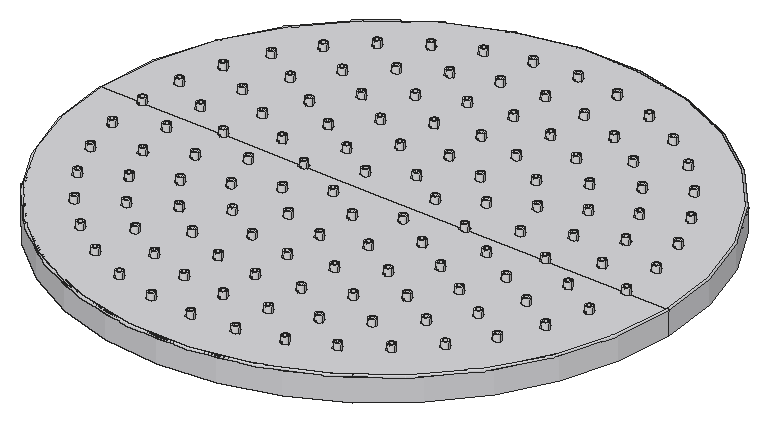
Revit family "Shower-Showerhead-KOHLER-Rainforest-K-18359IN", category Plumbing Fixtures, host Face, Revit 2017
Family settings
  Host = Face
  Round Connector Dimension = Use Diameter
  Part Type = Normal
  OmniClass Number = 23.31.17.00
  OmniClass Title = Showers
  Cut with Voids When Loaded = No
  Shared = No
  Room Calculation Point = No
Parameters (values of type "CP-Polished Chrome")
  Width = 10"  # constant formula
  WaterSense Certified = 1 = 0  # no
  Waste Water Outlet = "Waste Water Outlet"  # constant formula
  Waste Connection = 1 = 0  # no
  Vent Connection = 1 = 0  # no
  URL = "https://www.kohler.co.in/"
  Type = 1
  Product Page URL = "https://www.kohler.co.in/product-detail/18359in?skuid=K-18359IN-CP"
  Product Name = "Rainforest"  # constant formula
  Product Documentation Link = "http://resources.kohler.com/plumbing/kohlerindia/pdf/18359.pdf"
  Pressure = 0.00 psi
  Panel Thickness = 0"
  Model = "K-18359IN-CP"  # constant formula
  Material = "Premium Metal Construction"  # constant formula
  Master Format 2014 Name = "Residential Showers"  # constant formula
  Master Format 2014 = "22 42 23"  # constant formula
  Manufacturer Address = "Ambience Office Tower NH-8 Gurgaon / Gurugram Haryana , 122001"  # constant formula
  Manufacturer = "KOHLER Co."  # constant formula
  Length = 10"  # constant formula
  Hot Water Inlet = "Tempered Water Inlet"  # constant formula
  Height = 2.55906"  # constant formula
  HW Connection = 1 = 1  # yes
  Flow Rate = 0 GPM
  Finish = Kohler-Metal-CP-Polished_Chrome
  Environmental Product Declaration = ""
  Drain Included = 1 = 0  # no
  Description = "254mm round Katalyst™ rain showerhead"  # constant formula
  Default Elevation = 0"
  Declare Label = ""
  Date Modified = "09/04/2020"  # constant formula
  Date Created = "09/04/2020"  # constant formula
  Copyright = "Copyright KOHLER Co."  # constant formula
  Contact Us = "https://www.kohler.co.in/contact-us"
  Cold Water Inlet = "Cold Water Inlet"  # constant formula
  CW Connection = 1 = 0  # no
  Assembly Code = "D2010700"
  ADA Compliant = 1 = 0  # no
Reference planes (in)
  plane 1 "Center (Front/Back)": y = 0
  plane 2: z = 0
  plane 3 "Center (Left/Right)": x = 0
  plane 4: x = -5
  plane 5: x = 5
  plane 6: z = 2.55906
  plane 7: y = 5
  plane 8: y = -5
Dimensions and locks (in)
  "Height": plane 6 to level
  "Width": plane 4 to plane 5
  "Length": plane 7 to plane 8
  aligned and locked: plane 2 to host face
  aligned and locked: level to host face
  aligned and locked: plane 3 "Center (Left/Right)" to nested 1
  aligned and locked: plane 1 "Center (Front/Back)" to nested 1
  aligned and locked: plane 4 to nested 1
  aligned and locked: plane 5 to nested 1
  aligned and locked: plane 6 to nested 1
  aligned and locked: plane 7 to nested 1
  aligned and locked: plane 8 to nested 1
Automatic sketch dimensions
  host sketch curve to host sketch curve = 96"  (x2)
Nested families (in)
  nested 1: "K-18359IN" at (0, 0, 0), type "K-18359IN"
Connectors (in)
  piping at (0, 0, 0), diameter 0.5, driven by "Flow Rate", driven by "HW Connection", driven by "Hot Water Inlet"
    settings: on nested 1, index 1, connector inside diameter 24", connector length 0", flow factor 0, pipe flow 0 GPM, pressure drop 0.00 psi, fitting loss kfactor 0, connector angle 0.00°, fixture units 0, engagement length 0", angle of deflection 0.00°, flow configuration 0, flow direction 1, fitting loss method 0, system type 19, joint type 0, gender type 0, connector reference index -1, connector utility 1, adjustable connector no, is connector primary yes, connector description "Tempered Water Inlet"
Definition of nested family "K-18359IN"
  Parameters (values of type "K-18359IN")
    Material = none
  Reference planes (in)
    plane 1 "Center (Front/Back)": y = 0
    plane 2: z = 0
    plane 3 "Center (Left/Right)": x = 0
    plane 4: y = -5
    plane 5: y = 5
    plane 6: x = 5
    plane 7: x = -5
    plane 8: z = 2.55906
    plane 9: z = 2.45866
    plane 10: z = 0.53858
  Forms (in)
    Revolve 1, solid, material <- "Material", detail levels medium+fine
      sketch origin (0, 0, 0) x (1, 0, 0) y (0, 0, 1)
        loop
          line (0, 0) -> (0, 2.45866) -> (-4.97112, 2.45866)
          arc (-4.97112, 2.45866) -> (-4.99154, 2.4502) -> (-5, 2.42978) r 0.02888
          line (-5, 2.42978) -> (-5, 2.0374) -> (-4.94132, 2.0374) -> (-4.89724, 2.04921) -> (-0.72036, 2.04921) -> (-0.72036, 0.97047) -> (-0.43196, 0.97047)
          arc (-0.43196, 0.97047) -> (-0.39042, 0.9144) -> (-0.33797, 0.86838) r 0.32802
          arc (-0.33797, 0.86838) -> (-0.30969, 0.80444) -> (-0.35284, 0.74943) r 0.0679
          arc (-0.35284, 0.74943) -> (-0.45821, 0.66658) -> (-0.49801, 0.53858) r 0.22572
          line (-0.49801, 0.53858) -> (-0.49801, 0.01996)
          arc (-0.49801, 0.01996) -> (-0.49217, 0.00585) -> (-0.47806, 0) r 0.01996
          line (-0.47806, 0) -> (0, 0)
        axis (0, 2.45866) -> (0, 0)
      angle from 0 to 360
    Extrusion 2, void
      sketch origin (0, 0, 0) x (0, 1, 0) y (0, 0, 1)
        loop
          line (0.45472, 0.72378) -> (0.45472, 0.16929) -> (0.56013, 0.06388) -> (0.80183, 0.06388) -> (0.80183, 1.44183) -> (0.6895, 1.44183) -> (0.6895, 0.72378) -> (0.45472, 0.72378)
        loop
          line (-0.45472, 0.72378) -> (-0.6895, 0.72378) -> (-0.6895, 1.44183) -> (-0.80183, 1.44183) -> (-0.80183, 0.06388) -> (-0.56013, 0.06388) -> (-0.45472, 0.16929) -> (-0.45472, 0.72378)
      from -2.11247 to 2.34557
    Extrusion 3, void
      sketch origin (0, 0, 0) x (1, 0, 0) y (0, 1, 0)
        loop
          circle (1.41488, 0) r 0.07638
        loop
          circle (2.8322, 0) r 0.07638
        loop
          circle (4.25507, 0) r 0.07638
        loop
          circle (3.52581, 0.373) r 0.07638
        loop
          circle (4.19023, 0.74002) r 0.07638
        loop
          circle (3.99855, 1.45536) r 0.07638
        loop
          circle (3.36952, 1.09219) r 0.07638
        loop
          circle (2.73488, 0.7404) r 0.07638
        loop
          circle (2.09343, 0.37006) r 0.07638
        loop
          circle (3.68713, 2.12888) r 0.07638
        loop
          circle (3.06939, 1.77223) r 0.07638
        loop
          circle (2.45514, 1.4176) r 0.07638
        loop
          circle (1.8421, 1.06365) r 0.07638
        loop
          circle (1.22731, 0.7087) r 0.07638
        loop
          circle (0.61289, 0.35397) r 0.07638
        loop
          circle (0.70468, 1.22729) r 0.07638
        loop
          circle (1.36786, 1.62577) r 0.07638
        loop
          circle (2.00366, 2.0078) r 0.07638
        loop
          circle (2.63299, 2.37114) r 0.07638
        loop
          circle (3.26145, 2.73398) r 0.07638
        loop
          circle (2.73507, 3.26036) r 0.07638
        loop
          circle (2.08298, 2.86855) r 0.07638
        loop
          circle (1.41523, 2.45129) r 0.07638
        loop
          circle (0.72589, 1.99697) r 0.07638
        loop
          circle (1.44378, 3.24039) r 0.07638
        loop
          circle (0.73101, 2.74131) r 0.07638
        loop
          circle (2.12939, 3.68452) r 0.07638
        loop
          circle (1.45423, 3.99936) r 0.07638
        loop
          circle (0.73914, 4.19096) r 0.07638
        loop
          circle (0.73914, 3.46971) r 0.07638
        loop
          circle (0, 4.2521) r 0.07638
        loop
          circle (0, 3.54443) r 0.07638
        loop
          circle (0, 2.83762) r 0.07638
        loop
          circle (0, 2.12687) r 0.07638
        loop
          circle (0, 1.41877) r 0.07638
        loop
          circle (0, 0.70953) r 0.07638
        loop
          circle (0, -4.2521) r 0.07638
        loop
          circle (0, -3.54443) r 0.07638
        loop
          circle (0, -2.83762) r 0.07638
        loop
          circle (0, -2.12687) r 0.07638
        loop
          circle (0, -1.41877) r 0.07638
        loop
          circle (0, -0.70953) r 0.07638
        loop
          circle (-1.41488, 0) r 0.07638
        loop
          circle (-2.8322, 0) r 0.07638
        loop
          circle (-4.25507, 0) r 0.07638
        loop
          circle (-3.52581, 0.373) r 0.07638
        loop
          circle (-4.19023, 0.74002) r 0.07638
        loop
          circle (-3.99855, 1.45536) r 0.07638
        loop
          circle (-3.36952, 1.09219) r 0.07638
        loop
          circle (-2.73488, 0.7404) r 0.07638
        loop
          circle (-2.09343, 0.37006) r 0.07638
        loop
          circle (-3.68713, 2.12888) r 0.07638
        loop
          circle (-3.06939, 1.77223) r 0.07638
        loop
          circle (-2.45514, 1.4176) r 0.07638
        loop
          circle (-1.8421, 1.06365) r 0.07638
        loop
          circle (-1.22731, 0.7087) r 0.07638
        loop
          circle (-0.61289, 0.35397) r 0.07638
        loop
          circle (-0.70468, 1.22729) r 0.07638
        loop
          circle (-1.36786, 1.62577) r 0.07638
        loop
          circle (-2.00366, 2.0078) r 0.07638
        loop
          circle (-2.63299, 2.37114) r 0.07638
        loop
          circle (-3.26145, 2.73398) r 0.07638
        loop
          circle (-2.73507, 3.26036) r 0.07638
        loop
          circle (-2.08298, 2.86855) r 0.07638
        loop
          circle (-1.41523, 2.45129) r 0.07638
        loop
          circle (-0.72589, 1.99697) r 0.07638
        loop
          circle (-1.44378, 3.24039) r 0.07638
        loop
          circle (-0.73101, 2.74131) r 0.07638
        loop
          circle (-2.12939, 3.68452) r 0.07638
        loop
          circle (-1.45423, 3.99936) r 0.07638
        loop
          circle (-0.73914, 4.19096) r 0.07638
        loop
          circle (-0.73914, 3.46971) r 0.07638
        loop
          circle (-3.52581, -0.373) r 0.07638
        loop
          circle (-4.19023, -0.74002) r 0.07638
        loop
          circle (-3.99855, -1.45536) r 0.07638
        loop
          circle (-3.36952, -1.09219) r 0.07638
        loop
          circle (-2.73488, -0.7404) r 0.07638
        loop
          circle (-2.09343, -0.37006) r 0.07638
        loop
          circle (-3.68713, -2.12888) r 0.07638
        loop
          circle (-3.06939, -1.77223) r 0.07638
        loop
          circle (-2.45514, -1.4176) r 0.07638
        loop
          circle (-1.8421, -1.06365) r 0.07638
        loop
          circle (-1.22731, -0.7087) r 0.07638
        loop
          circle (-0.61289, -0.35397) r 0.07638
        loop
          circle (-0.70468, -1.22729) r 0.07638
        loop
          circle (-1.36786, -1.62577) r 0.07638
        loop
          circle (-2.00366, -2.0078) r 0.07638
        loop
          circle (-2.63299, -2.37114) r 0.07638
        loop
          circle (-3.26145, -2.73398) r 0.07638
        loop
          circle (-2.73507, -3.26036) r 0.07638
        loop
          circle (-2.08298, -2.86855) r 0.07638
        loop
          circle (-1.41523, -2.45129) r 0.07638
        loop
          circle (-0.72589, -1.99697) r 0.07638
        loop
          circle (-1.44378, -3.24039) r 0.07638
        loop
          circle (-0.73101, -2.74131) r 0.07638
        loop
          circle (-2.12939, -3.68452) r 0.07638
        loop
          circle (-1.45423, -3.99936) r 0.07638
        loop
          circle (-0.73914, -4.19096) r 0.07638
        loop
          circle (-0.73914, -3.46971) r 0.07638
        loop
          circle (3.52581, -0.373) r 0.07638
        loop
          circle (4.19023, -0.74002) r 0.07638
        loop
          circle (3.99855, -1.45536) r 0.07638
        loop
          circle (3.36952, -1.09219) r 0.07638
        loop
          circle (2.73488, -0.7404) r 0.07638
        loop
          circle (2.09343, -0.37006) r 0.07638
        loop
          circle (3.68713, -2.12888) r 0.07638
        loop
          circle (3.06939, -1.77223) r 0.07638
        loop
          circle (2.45514, -1.4176) r 0.07638
        loop
          circle (1.8421, -1.06365) r 0.07638
        loop
          circle (1.22731, -0.7087) r 0.07638
        loop
          circle (0.61289, -0.35397) r 0.07638
        loop
          circle (0.70468, -1.22729) r 0.07638
        loop
          circle (1.36786, -1.62577) r 0.07638
        loop
          circle (2.00366, -2.0078) r 0.07638
        loop
          circle (2.63299, -2.37114) r 0.07638
        loop
          circle (3.26145, -2.73398) r 0.07638
        loop
          circle (2.73507, -3.26036) r 0.07638
        loop
          circle (2.08298, -2.86855) r 0.07638
        loop
          circle (1.41523, -2.45129) r 0.07638
        loop
          circle (0.72589, -1.99697) r 0.07638
        loop
          circle (1.44378, -3.24039) r 0.07638
        loop
          circle (0.73101, -2.74131) r 0.07638
        loop
          circle (2.12939, -3.68452) r 0.07638
        loop
          circle (1.45423, -3.99936) r 0.07638
        loop
          circle (0.73914, -4.19096) r 0.07638
        loop
          circle (0.73914, -3.46971) r 0.07638
      from 2.21457 to 3.43592
    Extrusion 4, solid, detail levels medium+fine
      sketch origin (0, 0, 0) x (1, 0, 0) y (0, 1, 0)
        loop
          circle (0, 4.2521) r 0.03937
        loop
          circle (0, 4.2521) r 0.06102
        loop
          circle (0, 3.54443) r 0.03937
        loop
          circle (0, 3.54443) r 0.06102
        loop
          circle (0, 2.83762) r 0.03937
        loop
          circle (0, 2.83762) r 0.06102
        loop
          circle (0, 2.12687) r 0.03937
        loop
          circle (0, 2.12687) r 0.06102
        loop
          circle (0, 1.41877) r 0.03937
        loop
          circle (0, 1.41877) r 0.06102
        loop
          circle (0, 0.70953) r 0.03937
        loop
          circle (0, 0.70953) r 0.06102
        loop
          circle (0.61289, 0.35397) r 0.03937
        loop
          circle (0.61289, 0.35397) r 0.06102
        loop
          circle (1.22731, 0.7087) r 0.03937
        loop
          circle (1.22731, 0.7087) r 0.06102
        loop
          circle (1.8421, 1.06365) r 0.03937
        loop
          circle (1.8421, 1.06365) r 0.06102
        loop
          circle (2.45514, 1.4176) r 0.03937
        loop
          circle (2.45514, 1.4176) r 0.06102
        loop
          circle (3.06939, 1.77223) r 0.03937
        loop
          circle (3.06939, 1.77223) r 0.06102
        loop
          circle (3.68713, 2.12888) r 0.03937
        loop
          circle (3.68713, 2.12888) r 0.06102
        loop
          circle (2.8322, 0) r 0.03937
        loop
          circle (2.8322, 0) r 0.06102
        loop
          circle (4.25507, 0) r 0.03937
        loop
          circle (4.25507, 0) r 0.06102
        loop
          circle (1.41488, 0) r 0.03937
        loop
          circle (1.41488, 0) r 0.06102
        loop
          circle (2.09343, 0.37006) r 0.03937
        loop
          circle (2.09343, 0.37006) r 0.06102
        loop
          circle (2.73488, 0.7404) r 0.03937
        loop
          circle (2.73488, 0.7404) r 0.06102
        loop
          circle (3.52581, 0.373) r 0.03937
        loop
          circle (3.52581, 0.373) r 0.06102
        loop
          circle (4.19023, 0.74002) r 0.03937
        loop
          circle (4.19023, 0.74002) r 0.06102
        loop
          circle (3.99855, 1.45536) r 0.03937
        loop
          circle (3.99855, 1.45536) r 0.06102
        loop
          circle (3.36952, 1.09219) r 0.03937
        loop
          circle (3.36952, 1.09219) r 0.06102
        loop
          circle (3.26145, 2.73398) r 0.03937
        loop
          circle (3.26145, 2.73398) r 0.06102
        loop
          circle (2.63299, 2.37114) r 0.03937
        loop
          circle (2.63299, 2.37114) r 0.06102
        loop
          circle (2.00366, 2.0078) r 0.03937
        loop
          circle (2.00366, 2.0078) r 0.06102
        loop
          circle (2.08298, 2.86855) r 0.03937
        loop
          circle (2.08298, 2.86855) r 0.06102
        loop
          circle (2.73507, 3.26036) r 0.03937
        loop
          circle (2.73507, 3.26036) r 0.06102
        loop
          circle (1.41523, 2.45129) r 0.03937
        loop
          circle (1.41523, 2.45129) r 0.06102
        loop
          circle (1.36786, 1.62577) r 0.03937
        loop
          circle (1.36786, 1.62577) r 0.06102
        loop
          circle (0.72589, 1.99697) r 0.03937
        loop
          circle (0.72589, 1.99697) r 0.06102
        loop
          circle (0.70468, 1.22729) r 0.03937
        loop
          circle (0.70468, 1.22729) r 0.06102
        loop
          circle (1.45423, 3.99936) r 0.03937
        loop
          circle (1.45423, 3.99936) r 0.06102
        loop
          circle (2.12939, 3.68452) r 0.03937
        loop
          circle (2.12939, 3.68452) r 0.06102
        loop
          circle (1.44378, 3.24039) r 0.03937
        loop
          circle (1.44378, 3.24039) r 0.06102
        loop
          circle (0.73914, 3.46971) r 0.03937
        loop
          circle (0.73914, 3.46971) r 0.06102
        loop
          circle (0.73914, 4.19096) r 0.03937
        loop
          circle (0.73914, 4.19096) r 0.06102
        loop
          circle (0.73101, 2.74131) r 0.03937
        loop
          circle (0.73101, 2.74131) r 0.06102
        loop
          circle (-0.61289, 0.35397) r 0.03937
        loop
          circle (-0.61289, 0.35397) r 0.06102
        loop
          circle (-1.22731, 0.7087) r 0.03937
        loop
          circle (-1.22731, 0.7087) r 0.06102
        loop
          circle (-1.8421, 1.06365) r 0.03937
        loop
          circle (-1.8421, 1.06365) r 0.06102
        loop
          circle (-2.45514, 1.4176) r 0.03937
        loop
          circle (-2.45514, 1.4176) r 0.06102
        loop
          circle (-3.06939, 1.77223) r 0.03937
        loop
          circle (-3.06939, 1.77223) r 0.06102
        loop
          circle (-3.68713, 2.12888) r 0.03937
        loop
          circle (-3.68713, 2.12888) r 0.06102
        loop
          circle (-2.09343, 0.37006) r 0.03937
        loop
          circle (-2.09343, 0.37006) r 0.06102
        loop
          circle (-2.73488, 0.7404) r 0.03937
        loop
          circle (-2.73488, 0.7404) r 0.06102
        loop
          circle (-3.52581, 0.373) r 0.03937
        loop
          circle (-3.52581, 0.373) r 0.06102
        loop
          circle (-4.19023, 0.74002) r 0.03937
        loop
          circle (-4.19023, 0.74002) r 0.06102
        loop
          circle (-3.99855, 1.45536) r 0.03937
        loop
          circle (-3.99855, 1.45536) r 0.06102
        loop
          circle (-3.36952, 1.09219) r 0.03937
        loop
          circle (-3.36952, 1.09219) r 0.06102
        loop
          circle (-3.26145, 2.73398) r 0.03937
        loop
          circle (-3.26145, 2.73398) r 0.06102
        loop
          circle (-2.63299, 2.37114) r 0.03937
        loop
          circle (-2.63299, 2.37114) r 0.06102
        loop
          circle (-2.00366, 2.0078) r 0.03937
        loop
          circle (-2.00366, 2.0078) r 0.06102
        loop
          circle (-2.08298, 2.86855) r 0.03937
        loop
          circle (-2.08298, 2.86855) r 0.06102
        loop
          circle (-2.73507, 3.26036) r 0.03937
        loop
          circle (-2.73507, 3.26036) r 0.06102
        loop
          circle (-1.41523, 2.45129) r 0.03937
        loop
          circle (-1.41523, 2.45129) r 0.06102
        loop
          circle (-1.36786, 1.62577) r 0.03937
        loop
          circle (-1.36786, 1.62577) r 0.06102
        loop
          circle (-0.72589, 1.99697) r 0.03937
        loop
          circle (-0.72589, 1.99697) r 0.06102
        loop
          circle (-0.70468, 1.22729) r 0.03937
        loop
          circle (-0.70468, 1.22729) r 0.06102
        loop
          circle (-1.45423, 3.99936) r 0.03937
        loop
          circle (-1.45423, 3.99936) r 0.06102
        loop
          circle (-2.12939, 3.68452) r 0.03937
        loop
          circle (-2.12939, 3.68452) r 0.06102
        loop
          circle (-1.44378, 3.24039) r 0.03937
        loop
          circle (-1.44378, 3.24039) r 0.06102
        loop
          circle (-0.73914, 3.46971) r 0.03937
        loop
          circle (-0.73914, 3.46971) r 0.06102
        loop
          circle (-0.73914, 4.19096) r 0.03937
        loop
          circle (-0.73914, 4.19096) r 0.06102
        loop
          circle (-0.73101, 2.74131) r 0.03937
        loop
          circle (-0.73101, 2.74131) r 0.06102
        loop
          circle (-0.61289, -0.35397) r 0.03937
        loop
          circle (-0.61289, -0.35397) r 0.06102
        loop
          circle (-1.22731, -0.7087) r 0.03937
        loop
          circle (-1.22731, -0.7087) r 0.06102
        loop
          circle (-1.8421, -1.06365) r 0.03937
        loop
          circle (-1.8421, -1.06365) r 0.06102
        loop
          circle (-2.45514, -1.4176) r 0.03937
        loop
          circle (-2.45514, -1.4176) r 0.06102
        loop
          circle (-3.06939, -1.77223) r 0.03937
        loop
          circle (-3.06939, -1.77223) r 0.06102
        loop
          circle (-3.68713, -2.12888) r 0.03937
        loop
          circle (-3.68713, -2.12888) r 0.06102
        loop
          circle (-2.09343, -0.37006) r 0.03937
        loop
          circle (-2.09343, -0.37006) r 0.06102
        loop
          circle (-2.73488, -0.7404) r 0.03937
        loop
          circle (-2.73488, -0.7404) r 0.06102
        loop
          circle (-3.52581, -0.373) r 0.03937
        loop
          circle (-3.52581, -0.373) r 0.06102
        loop
          circle (-4.19023, -0.74002) r 0.03937
        loop
          circle (-4.19023, -0.74002) r 0.06102
        loop
          circle (-3.99855, -1.45536) r 0.03937
        loop
          circle (-3.99855, -1.45536) r 0.06102
        loop
          circle (-3.36952, -1.09219) r 0.03937
        loop
          circle (-3.36952, -1.09219) r 0.06102
        loop
          circle (-3.26145, -2.73398) r 0.03937
        loop
          circle (-3.26145, -2.73398) r 0.06102
        loop
          circle (-2.63299, -2.37114) r 0.03937
        loop
          circle (-2.63299, -2.37114) r 0.06102
        loop
          circle (-2.00366, -2.0078) r 0.03937
        loop
          circle (-2.00366, -2.0078) r 0.06102
        loop
          circle (-2.08298, -2.86855) r 0.03937
        loop
          circle (-2.08298, -2.86855) r 0.06102
        loop
          circle (-2.73507, -3.26036) r 0.03937
        loop
          circle (-2.73507, -3.26036) r 0.06102
        loop
          circle (-1.41523, -2.45129) r 0.03937
        loop
          circle (-1.41523, -2.45129) r 0.06102
        loop
          circle (-1.36786, -1.62577) r 0.03937
        loop
          circle (-1.36786, -1.62577) r 0.06102
        loop
          circle (-0.72589, -1.99697) r 0.03937
        loop
          circle (-0.72589, -1.99697) r 0.06102
        loop
          circle (-0.70468, -1.22729) r 0.03937
        loop
          circle (-0.70468, -1.22729) r 0.06102
        loop
          circle (-1.45423, -3.99936) r 0.03937
        loop
          circle (-1.45423, -3.99936) r 0.06102
        loop
          circle (-2.12939, -3.68452) r 0.03937
        loop
          circle (-2.12939, -3.68452) r 0.06102
        loop
          circle (-1.44378, -3.24039) r 0.03937
        loop
          circle (-1.44378, -3.24039) r 0.06102
        loop
          circle (-0.73914, -3.46971) r 0.03937
        loop
          circle (-0.73914, -3.46971) r 0.06102
        loop
          circle (-0.73914, -4.19096) r 0.03937
        loop
          circle (-0.73914, -4.19096) r 0.06102
        loop
          circle (-0.73101, -2.74131) r 0.03937
        loop
          circle (-0.73101, -2.74131) r 0.06102
        loop
          circle (0.61289, -0.35397) r 0.03937
        loop
          circle (0.61289, -0.35397) r 0.06102
        loop
          circle (1.22731, -0.7087) r 0.03937
        loop
          circle (1.22731, -0.7087) r 0.06102
        loop
          circle (1.8421, -1.06365) r 0.03937
        loop
          circle (1.8421, -1.06365) r 0.06102
        loop
          circle (2.45514, -1.4176) r 0.03937
        loop
          circle (2.45514, -1.4176) r 0.06102
        loop
          circle (3.06939, -1.77223) r 0.03937
        loop
          circle (3.06939, -1.77223) r 0.06102
        loop
          circle (3.68713, -2.12888) r 0.03937
        loop
          circle (3.68713, -2.12888) r 0.06102
        loop
          circle (2.09343, -0.37006) r 0.03937
        loop
          circle (2.09343, -0.37006) r 0.06102
        loop
          circle (2.73488, -0.7404) r 0.03937
        loop
          circle (2.73488, -0.7404) r 0.06102
        loop
          circle (3.52581, -0.373) r 0.03937
        loop
          circle (3.52581, -0.373) r 0.06102
        loop
          circle (4.19023, -0.74002) r 0.03937
        loop
          circle (4.19023, -0.74002) r 0.06102
        loop
          circle (3.99855, -1.45536) r 0.03937
        loop
          circle (3.99855, -1.45536) r 0.06102
        loop
          circle (3.36952, -1.09219) r 0.03937
        loop
          circle (3.36952, -1.09219) r 0.06102
        loop
          circle (3.26145, -2.73398) r 0.03937
        loop
          circle (3.26145, -2.73398) r 0.06102
        loop
          circle (2.63299, -2.37114) r 0.03937
        loop
          circle (2.63299, -2.37114) r 0.06102
        loop
          circle (2.00366, -2.0078) r 0.03937
        loop
          circle (2.00366, -2.0078) r 0.06102
        loop
          circle (2.08298, -2.86855) r 0.03937
        loop
          circle (2.08298, -2.86855) r 0.06102
        loop
          circle (2.73507, -3.26036) r 0.03937
        loop
          circle (2.73507, -3.26036) r 0.06102
        loop
          circle (1.41523, -2.45129) r 0.03937
        loop
          circle (1.41523, -2.45129) r 0.06102
        loop
          circle (1.36786, -1.62577) r 0.03937
        loop
          circle (1.36786, -1.62577) r 0.06102
        loop
          circle (0.72589, -1.99697) r 0.03937
        loop
          circle (0.72589, -1.99697) r 0.06102
        loop
          circle (0.70468, -1.22729) r 0.03937
        loop
          circle (0.70468, -1.22729) r 0.06102
        loop
          circle (1.45423, -3.99936) r 0.03937
        loop
          circle (1.45423, -3.99936) r 0.06102
        loop
          circle (2.12939, -3.68452) r 0.03937
        loop
          circle (2.12939, -3.68452) r 0.06102
        loop
          circle (1.44378, -3.24039) r 0.03937
        loop
          circle (1.44378, -3.24039) r 0.06102
        loop
          circle (0.73914, -3.46971) r 0.03937
        loop
          circle (0.73914, -3.46971) r 0.06102
        loop
          circle (0.73914, -4.19096) r 0.03937
        loop
          circle (0.73914, -4.19096) r 0.06102
        loop
          circle (0.73101, -2.74131) r 0.03937
        loop
          circle (0.73101, -2.74131) r 0.06102
        loop
          circle (0, -4.2521) r 0.03937
        loop
          circle (0, -4.2521) r 0.06102
        loop
          circle (0, -3.54443) r 0.03937
        loop
          circle (0, -3.54443) r 0.06102
        loop
          circle (0, -2.83762) r 0.03937
        loop
          circle (0, -2.83762) r 0.06102
        loop
          circle (0, -2.12687) r 0.03937
        loop
          circle (0, -2.12687) r 0.06102
        loop
          circle (0, -1.41877) r 0.03937
        loop
          circle (0, -1.41877) r 0.06102
        loop
          circle (0, -0.70953) r 0.03937
        loop
          circle (0, -0.70953) r 0.06102
        loop
          circle (-2.8322, 0) r 0.03937
        loop
          circle (-2.8322, 0) r 0.06102
        loop
          circle (-4.25507, 0) r 0.03937
        loop
          circle (-4.25507, 0) r 0.06102
        loop
          circle (-1.41488, 0) r 0.03937
        loop
          circle (-1.41488, 0) r 0.06102
      from 2.10827 to 2.55906
    Extrusion 5, solid, material <- "Material", detail levels medium+fine
      sketch origin (0, 0, 0) x (1, 0, 0) y (0, 1, 0)
        loop
          circle (0, 0) r 0.35433
      from 0 to 0.071
    Extrusion 6, void
      sketch origin (0, 0, 0) x (1, 0, 0) y (0, 1, 0)
        loop
          circle (2.32547, -4.03613) r 0.15748
        loop
          circle (-2.32205, -4.03613) r 0.15748
        loop
          circle (-4.64523, -0.01225) r 0.15748
        loop
          circle (-2.31629, 4.0216) r 0.15748
        loop
          circle (2.33129, 4.0216) r 0.15748
        loop
          circle (4.65026, 0.00502) r 0.15748
      from 2.04921 to 2.0837
    Revolve 7, solid, material <- "Material", detail levels coarse
      sketch origin (0, 0, 0) x (1, 0, 0) y (0, 0, 1)
        loop
          line (-5, 2.55906) -> (-5, 1.86711) -> (-0.72036, 1.86711) -> (-0.72036, 0) -> (0, 0) -> (0, 2.55906) -> (-5, 2.55906)
        axis (0, 2.55906) -> (0, 0)
      angle from 0 to 360
  Cuts and joins
    Extrusion 2, Extrusion 3, Extrusion 6 cuts Revolve 1
  Lines and regions (in)
    Masking region 1
      outline origin (0, 0, 0) x (1, 0, 0) y (0, 0, 1)
        loop
          arc (0.47806, 0) -> (0.49217, 0.00585) -> (0.49801, 0.01996) r 0.01996
          line (0.49801, 0.01996) -> (0.49801, 0.53858)
          arc (0.49801, 0.53858) -> (0.45821, 0.66658) -> (0.35284, 0.74943) r 0.22572
          arc (0.35284, 0.74943) -> (0.30969, 0.80444) -> (0.33797, 0.86838) r 0.0679
          arc (0.33797, 0.86838) -> (0.39042, 0.9144) -> (0.43196, 0.97047) r 0.32802
          line (0.43196, 0.97047) -> (0.72036, 0.97047) -> (0.72036, 2.0374) -> (5, 2.0374) -> (5, 2.42978)
          arc (5, 2.42978) -> (4.99154, 2.4502) -> (4.97112, 2.45866) r 0.02888
          line (4.97112, 2.45866) -> (4.31609, 2.45866) -> (4.31609, 2.55906) -> (4.12921, 2.55906) -> (4.12921, 2.45866) -> (4.05958, 2.45866) -> (4.05958, 2.55906) -> (3.93753, 2.55906) -> (3.93753, 2.45866) -> (3.74816, 2.45866) -> (3.74816, 2.55906) -> (3.62611, 2.55906) -> (3.62611, 2.45866) -> (3.58684, 2.45866) -> (3.58684, 2.55906) -> (3.46479, 2.55906) -> (3.46479, 2.45866) -> (3.43054, 2.45866) -> (3.43054, 2.55906) -> (3.20043, 2.55906) -> (3.20043, 2.45866) -> (3.13042, 2.45866) -> (3.13042, 2.55906) -> (3.00837, 2.55906) -> (3.00837, 2.45866) -> (2.89322, 2.45866) -> (2.89322, 2.55906) -> (2.57197, 2.55906) -> (2.57197, 2.45866) -> (2.51617, 2.45866) -> (2.51617, 2.55906) -> (2.39412, 2.55906) -> (2.39412, 2.45866) -> (2.19041, 2.45866) -> (2.19041, 2.55906) -> (1.94264, 2.55906) -> (1.94264, 2.45866) -> (1.90312, 2.45866) -> (1.90312, 2.55906) -> (1.78108, 2.55906) -> (1.78108, 2.45866) -> (1.51525, 2.45866) -> (1.51525, 2.55906) -> (1.30683, 2.55906) -> (1.30683, 2.45866) -> (1.28833, 2.48413) -> (1.28833, 2.55906) -> (1.16629, 2.55906) -> (1.16629, 2.45866) -> (0.80016, 2.45866) -> (0.80016, 2.55906) -> (0.55186, 2.55906) -> (0.55186, 2.45866) -> (0.06102, 2.45866) -> (0.06102, 2.55906) -> (-0.06102, 2.55906) -> (-0.06102, 2.45866) -> (-0.55186, 2.45866) -> (-0.55186, 2.55906) -> (-0.80016, 2.55906) -> (-0.80016, 2.45866) -> (-1.16629, 2.45866) -> (-1.16629, 2.55906) -> (-1.28833, 2.55906) -> (-1.28833, 2.45866) -> (-1.30683, 2.48508) -> (-1.30683, 2.55906) -> (-1.51525, 2.55906) -> (-1.51525, 2.45866) -> (-1.78108, 2.45866) -> (-1.78108, 2.55906) -> (-1.90312, 2.55906) -> (-1.90312, 2.45866) -> (-1.94264, 2.45866) -> (-1.94264, 2.55906) -> (-2.19041, 2.55906) -> (-2.19041, 2.45866) -> (-2.39412, 2.45866) -> (-2.39412, 2.55906) -> (-2.51617, 2.55906) -> (-2.51617, 2.45866) -> (-2.57197, 2.45866) -> (-2.57197, 2.55906) -> (-2.89322, 2.55906) -> (-2.89322, 2.45866) -> (-3.00837, 2.45866) -> (-3.00837, 2.55906) -> (-3.13042, 2.55906) -> (-3.13042, 2.45866) -> (-3.20043, 2.45866) -> (-3.20043, 2.55906) -> (-3.43054, 2.55906) -> (-3.43054, 2.45866) -> (-3.46479, 2.45866) -> (-3.46479, 2.55906) -> (-3.58684, 2.55906) -> (-3.58684, 2.45866) -> (-3.62611, 2.45866) -> (-3.62611, 2.55906) -> (-3.74816, 2.55906) -> (-3.74816, 2.45866) -> (-3.93753, 2.45866) -> (-3.93753, 2.55906) -> (-4.05958, 2.55906) -> (-4.05958, 2.45866) -> (-4.12921, 2.45866) -> (-4.12921, 2.55906) -> (-4.31609, 2.55906) -> (-4.31609, 2.45866) -> (-4.97112, 2.45866)
          arc (-4.97112, 2.45866) -> (-4.99154, 2.4502) -> (-5, 2.42978) r 0.02888
          line (-5, 2.42978) -> (-5, 2.0374) -> (-0.72036, 2.0374) -> (-0.72036, 0.97047) -> (-0.43196, 0.97047)
          arc (-0.43196, 0.97047) -> (-0.39042, 0.9144) -> (-0.33797, 0.86838) r 0.32802
          arc (-0.33797, 0.86838) -> (-0.30969, 0.80444) -> (-0.35284, 0.74943) r 0.0679
          arc (-0.35284, 0.74943) -> (-0.45821, 0.66658) -> (-0.49801, 0.53858) r 0.22572
          line (-0.49801, 0.53858) -> (-0.49801, 0.01996)
          arc (-0.49801, 0.01996) -> (-0.49217, 0.00585) -> (-0.47806, 0) r 0.01996
          line (-0.47806, 0) -> (0.47806, 0)
    Masking region 2
      outline origin (0, 0, 0) x (0, 1, 0) y (0, 0, 1)
        loop
          line (-0.47806, 0) -> (0.47806, 0)
          arc (0.47806, 0) -> (0.49217, 0.00585) -> (0.49801, 0.01996) r 0.01996
          line (0.49801, 0.01996) -> (0.49801, 0.126) -> (0.45472, 0.16929) -> (0.45472, 0.6715)
          arc (0.45472, 0.6715) -> (0.40943, 0.71786) -> (0.35284, 0.74943) r 0.22572
          arc (0.35284, 0.74943) -> (0.30969, 0.80444) -> (0.33797, 0.86838) r 0.0679
          arc (0.33797, 0.86838) -> (0.39042, 0.9144) -> (0.43196, 0.97047) r 0.32802
          line (0.43196, 0.97047) -> (0.6895, 0.97047) -> (0.6895, 1.44183) -> (0.72036, 1.44183) -> (0.72036, 2.0374) -> (5, 2.0374) -> (5, 2.42978)
          arc (5, 2.42978) -> (4.99154, 2.4502) -> (4.97112, 2.45866) r 0.02888
          line (4.97112, 2.45866) -> (4.31409, 2.45866) -> (4.31409, 2.55906) -> (4.12921, 2.55906) -> (4.12921, 2.45866) -> (4.06079, 2.45866) -> (4.06079, 2.55906) -> (3.93806, 2.55906) -> (3.93806, 2.45866) -> (3.74544, 2.45866) -> (3.74544, 2.55906) -> (3.62588, 2.55906) -> (3.62588, 2.45866) -> (3.59514, 2.45866) -> (3.59514, 2.55906) -> (3.41004, 2.55906) -> (3.41004, 2.45866) -> (3.32174, 2.45866) -> (3.32174, 2.55906) -> (3.17867, 2.55906) -> (3.17867, 2.45866) -> (2.93043, 2.45866) -> (2.93043, 2.55906) -> (2.67267, 2.55906) -> (2.67267, 2.45866) -> (2.51125, 2.45866) -> (2.51125, 2.55906) -> (2.30848, 2.55906) -> (2.30848, 2.45866) -> (2.19041, 2.45866) -> (2.19041, 2.55906) -> (1.93582, 2.55906) -> (1.93582, 2.45866) -> (1.83435, 2.45866) -> (1.83435, 2.55906) -> (1.56475, 2.55906) -> (1.56475, 2.45866) -> (1.51525, 2.45866) -> (1.51525, 2.55906) -> (1.35567, 2.55906) -> (1.35567, 2.45866) -> (1.28833, 2.45866) -> (1.28833, 2.55906) -> (1.16629, 2.55906) -> (1.16629, 2.45866) -> (1.15321, 2.4867) -> (1.15321, 2.55906) -> (1.00263, 2.55906) -> (1.00263, 2.45866) -> (0.80227, 2.45866) -> (0.80227, 2.55906) -> (0.64803, 2.55906) -> (0.64803, 2.45866) -> (0.43402, 2.45866) -> (0.43402, 2.55906) -> (0.29294, 2.55906) -> (0.29294, 2.45866) -> (0.06102, 2.45866) -> (0.06102, 2.55906) -> (-0.06102, 2.55906) -> (-0.06102, 2.45866) -> (-0.29294, 2.45866) -> (-0.29294, 2.55906) -> (-0.43402, 2.55906) -> (-0.43402, 2.45866) -> (-0.64586, 2.45866) -> (-0.64586, 2.55906) -> (-0.80016, 2.55906) -> (-0.80016, 2.45866) -> (-1.00263, 2.45866) -> (-1.00263, 2.55906) -> (-1.28833, 2.55906) -> (-1.28833, 2.45866) -> (-1.3558, 2.45866) -> (-1.3558, 2.55906) -> (-1.51681, 2.55906) -> (-1.51681, 2.45866) -> (-1.56475, 2.45866) -> (-1.56475, 2.55906) -> (-1.68679, 2.55906) -> (-1.68679, 2.47847) -> (-1.7104, 2.45866) -> (-1.7104, 2.55906) -> (-1.83354, 2.55906) -> (-1.83354, 2.45866) -> (-1.93562, 2.45866) -> (-1.93562, 2.55906) -> (-2.19041, 2.55906) -> (-2.19041, 2.45866) -> (-2.31059, 2.45866) -> (-2.31059, 2.55906) -> (-2.51266, 2.55906) -> (-2.51266, 2.45866) -> (-2.67125, 2.45866) -> (-2.67125, 2.55906) -> (-2.92845, 2.55906) -> (-2.92845, 2.45866) -> (-3.17973, 2.45866) -> (-3.17973, 2.55906) -> (-3.323, 2.55906) -> (-3.323, 2.45866) -> (-3.40802, 2.45866) -> (-3.40802, 2.55906) -> (-3.60509, 2.55906) -> (-3.60509, 2.48453) -> (-3.62321, 2.45866) -> (-3.62321, 2.55906) -> (-3.74578, 2.55906) -> (-3.74578, 2.45866) -> (-3.9381, 2.45866) -> (-3.9381, 2.55906) -> (-4.0606, 2.55906) -> (-4.0606, 2.45866) -> (-4.12966, 2.45866) -> (-4.12966, 2.55906) -> (-4.31333, 2.55906) -> (-4.31333, 2.45866) -> (-4.97112, 2.45866)
          arc (-4.97112, 2.45866) -> (-4.99154, 2.4502) -> (-5, 2.42978) r 0.02888
          line (-5, 2.42978) -> (-5, 2.0374) -> (-0.72036, 2.0374) -> (-0.72036, 1.44183) -> (-0.6895, 1.44183) -> (-0.6895, 0.97047) -> (-0.43196, 0.97047)
          arc (-0.43196, 0.97047) -> (-0.39042, 0.9144) -> (-0.33797, 0.86838) r 0.32802
          arc (-0.33797, 0.86838) -> (-0.30969, 0.80444) -> (-0.35284, 0.74943) r 0.0679
          arc (-0.35284, 0.74943) -> (-0.40943, 0.71786) -> (-0.45472, 0.6715) r 0.22572
          line (-0.45472, 0.6715) -> (-0.45472, 0.16929) -> (-0.49801, 0.126) -> (-0.49801, 0.01996)
          arc (-0.49801, 0.01996) -> (-0.49217, 0.00585) -> (-0.47806, 0) r 0.01996
    Masking region 3
      outline origin (0, 0, 0) x (1, 0, 0) y (0, 1, 0)
        loop
          circle (0, 0) r 5
    symbolic lines, detail levels medium+fine
      curve 1: line (-0.72036, 0, 2.0374) -> (0.72036, 0, 2.0374)
      curve 2: line (-0.43196, 0, 0.97047) -> (0.43196, 0, 0.97047)
      curve 3: line (-0.35284, 0, 0.74943) -> (0.35284, 0, 0.74943)
      curve 4: line (-0.33797, 0, 0.86838) -> (0.33797, 0, 0.86838)
      curve 5: line (-0.49801, 0, 0.01996) -> (0.49801, 0, 0.01996)
      curve 6: line (-0.49801, 0, 0.53858) -> (-0.20309, 0, 0.53858)
      curve 7: line (0.49801, 0, 0.53858) -> (0.20309, 0, 0.53858)
      curve 8: line (0.20859, 0, 1.44183) -> (-0.20859, 0, 1.44183)
      curve 9: line (-0.20859, 0, 0.97047) -> (-0.20859, 0, 1.44183)
      curve 10: line (0.20859, 0, 1.44183) -> (0.20859, 0, 0.97047)
      curve 11: line (-0.20309, 0, 0.53858) -> (0.20309, 0, 0.53858)
      curve 12: line (0.20309, 0, 0.53858) -> (0.20309, 0, 0.16929)
      curve 13: line (-0.20309, 0, 0.16929) -> (-0.20309, 0, 0.53858)
      curve 14: line (-0.20309, 0, 0.16929) -> (0.20309, 0, 0.16929)
      curve 15: spline (0.20303, 0, 0.16936) -> (0.17221, 0, 0.15644) -> (0.13976, 0, 0.14571) -> (0.10599, 0, 0.13725) -> (0.07122, 0, 0.13115) -> (0.03578, 0, 0.12747) -> (0, 0, 0.12623) -> (-0.03578, 0, 0.12747) -> (-0.07122, 0, 0.13115) -> (-0.10599, 0, 0.13725) -> (-0.13976, 0, 0.14571) -> (-0.17221, 0, 0.15644) -> (-0.20303, 0, 0.16936)
      curve 16: line (4.12921, 0, 2.45866) -> (4.31609, 0, 2.45866)
      curve 17: line (4.05958, 0, 2.45866) -> (3.93753, 0, 2.45866)
      curve 18: line (3.74816, 0, 2.45866) -> (3.62611, 0, 2.45866)
      curve 19: line (3.58684, 0, 2.45866) -> (3.46479, 0, 2.45866)
      curve 20: line (3.43054, 0, 2.45866) -> (3.20043, 0, 2.45866)
      curve 21: line (3.13042, 0, 2.45866) -> (3.00837, 0, 2.45866)
      curve 22: line (2.89322, 0, 2.45866) -> (2.57197, 0, 2.45866)
      curve 23: line (2.51617, 0, 2.45866) -> (2.39412, 0, 2.45866)
      curve 24: line (2.19041, 0, 2.45866) -> (1.94264, 0, 2.45866)
      curve 25: line (1.90312, 0, 2.45866) -> (1.78108, 0, 2.45866)
      curve 26: line (1.51525, 0, 2.45866) -> (1.16629, 0, 2.45866)
      curve 27: line (0.80016, 0, 2.45866) -> (0.55186, 0, 2.45866)
      curve 28: line (0.07638, 0, 2.45866) -> (-0.06102, 0, 2.45866)
      curve 29: line (-0.55186, 0, 2.45866) -> (-0.80016, 0, 2.45866)
      curve 30: line (-1.16629, 0, 2.45866) -> (-1.51525, 0, 2.45866)
      curve 31: line (-1.78108, 0, 2.45866) -> (-2.19041, 0, 2.45866)
      curve 32: line (-2.39412, 0, 2.45866) -> (-2.51617, 0, 2.45866)
      curve 33: line (-2.57197, 0, 2.45866) -> (-2.89322, 0, 2.45866)
      curve 34: line (-3.00837, 0, 2.45866) -> (-3.13042, 0, 2.45866)
      curve 35: line (-3.20043, 0, 2.45866) -> (-3.43054, 0, 2.45866)
      curve 36: line (-3.46479, 0, 2.45866) -> (-3.58684, 0, 2.45866)
      curve 37: line (-3.62611, 0, 2.45866) -> (-3.74816, 0, 2.45866)
      curve 38: line (-3.93753, 0, 2.45866) -> (-4.05958, 0, 2.45866)
      curve 39: line (-4.12921, 0, 2.45866) -> (-4.31609, 0, 2.45866)
      curve 40: line (-4.2157, 0, 2.55906) -> (-4.2157, 0, 2.45866)
      curve 41: line (-3.32247, 0, 2.55906) -> (-3.32247, 0, 2.45866)
      curve 42: line (-2.7959, 0, 2.55906) -> (-2.7959, 0, 2.45866)
      curve 43: line (-2.77444, 0, 2.55906) -> (-2.77444, 0, 2.45866)
      curve 44: line (-2.67405, 0, 2.55906) -> (-2.67405, 0, 2.45866)
      curve 45: line (-2.1328, 0, 2.55906) -> (-2.1328, 0, 2.45866)
      curve 46: line (-2.03241, 0, 2.55906) -> (-2.03241, 0, 2.45866)
      curve 47: line (-1.48315, 0, 2.55906) -> (-1.48315, 0, 2.45866)
      curve 48: line (-1.40723, 0, 2.55906) -> (-1.40723, 0, 2.45866)
      curve 49: line (-0.77038, 0, 2.55906) -> (-0.77038, 0, 2.45866)
      curve 50: line (-0.69164, 0, 2.55906) -> (-0.69164, 0, 2.45866)
      curve 51: line (-0.65226, 0, 2.55906) -> (-0.65226, 0, 2.45866)
      curve 52: line (0.77851, 0, 2.55906) -> (0.77851, 0, 2.45866)
      curve 53: line (0.68652, 0, 2.55906) -> (0.68652, 0, 2.45866)
      curve 54: line (1.48315, 0, 2.55906) -> (1.48315, 0, 2.45866)
      curve 55: line (1.41486, 0, 2.55906) -> (1.41486, 0, 2.45866)
      curve 56: line (2.03241, 0, 2.55906) -> (2.03241, 0, 2.45866)
      curve 57: line (2.05406, 0, 2.55906) -> (2.05406, 0, 2.45866)
      curve 58: line (2.6957, 0, 2.55906) -> (2.6957, 0, 2.45866)
      curve 59: line (2.77444, 0, 2.55906) -> (2.77444, 0, 2.45866)
      curve 60: line (3.3085, 0, 2.55906) -> (3.3085, 0, 2.45866)
      curve 61: line (4.2157, 0, 2.55906) -> (4.2157, 0, 2.45866)
      curve 62: line (0, 0.49801, 0.01996) -> (0, -0.49801, 0.01996)
      curve 63: line (0, 0.35284, 0.74943) -> (0, -0.35284, 0.74943)
      curve 64: line (0, 0.33797, 0.86838) -> (0, -0.33797, 0.86838)
      curve 65: line (0, 0.43196, 0.97047) -> (0, -0.43196, 0.97047)
      curve 66: line (0, 0.72036, 2.0374) -> (0, -0.72036, 2.0374)
      curve 67: line (0, -4.31333, 2.45866) -> (0, -4.12966, 2.45866)
      curve 68: line (0, -4.23033, 2.55906) -> (0, -4.23033, 2.45866)
      curve 69: line (0, -4.0606, 2.45866) -> (0, -3.9381, 2.45866)
      curve 70: line (0, -3.40802, 2.45866) -> (0, -3.74578, 2.45866)
      curve 71: line (0, -3.50908, 2.55906) -> (0, -3.50908, 2.45866)
      curve 72: line (0, -3.323, 2.45866) -> (0, -3.17973, 2.45866)
      curve 73: line (0, -3.22099, 2.55906) -> (0, -3.22099, 2.45866)
      curve 74: line (0, -2.92845, 2.45866) -> (0, -2.66493, 2.45866)
      curve 75: line (0, -2.77335, 2.55906) -> (0, -2.77335, 2.45866)
      curve 76: line (0, -2.82918, 2.55906) -> (0, -2.82918, 2.45866)
      curve 77: line (0, -2.51266, 2.45866) -> (0, -2.31059, 2.45866)
      curve 78: line (0, -2.41051, 2.55906) -> (0, -2.41051, 2.45866)
      curve 79: line (0, -2.19041, 2.45866) -> (0, -1.93562, 2.45866)
      curve 80: line (0, -2.0875, 2.55906) -> (0, -2.0875, 2.45866)
      curve 81: line (0, -2.03634, 2.55906) -> (0, -2.03634, 2.45866)
      curve 82: line (0, -1.83354, 2.45866) -> (0, -1.56475, 2.45866)
      curve 83: line (0, -1.51681, 2.45866) -> (0, -1.3558, 2.45866)
      curve 84: line (0, -1.39434, 2.55906) -> (0, -1.39434, 2.45866)
      curve 85: line (0, -1.28833, 2.45866) -> (0, -1.00263, 2.45866)
      curve 86: line (0, -1.12468, 2.55906) -> (0, -1.12468, 2.45866)
      curve 87: line (0, -1.26666, 2.55906) -> (0, -1.26666, 2.45866)
      curve 88: line (0, -1.28833, 2.45866) -> (0, -1.00263, 2.45866)
      curve 89: line (0, -0.64586, 2.45866) -> (0, -0.8164, 2.45866)
      curve 90: line (0, -0.66933, 2.55906) -> (0, -0.66933, 2.45866)
      curve 91: line (0, -0.43402, 2.45866) -> (0, -0.29369, 2.45866)
      curve 92: line (0, -0.06102, 2.45866) -> (0, 0.06102, 2.45866)
      curve 93: line (0, 0.29294, 2.45866) -> (0, 0.43402, 2.45866)
      curve 94: line (0, 0.41237, 2.55906) -> (0, 0.41237, 2.45866)
      curve 95: line (0, 0.64803, 2.45866) -> (0, 0.80227, 2.45866)
      curve 96: line (0, 1.00263, 2.45866) -> (0, 1.28833, 2.45866)
      curve 97: line (0, 1.35567, 2.45866) -> (0, 1.51525, 2.45866)
      curve 98: line (0, 1.47979, 2.55906) -> (0, 1.47979, 2.45866)
      curve 99: line (0, 1.56475, 2.45866) -> (0, 1.83435, 2.45866)
      curve 100: line (0, 1.68679, 2.55906) -> (0, 1.68679, 2.45866)
      curve 101: line (0, 1.5864, 2.55906) -> (0, 1.5864, 2.45866)
      curve 102: line (0, 1.93582, 2.45866) -> (0, 2.19041, 2.45866)
      curve 103: line (0, 2.04717, 2.55906) -> (0, 2.04717, 2.45866)
      curve 104: line (0, 1.96843, 2.55906) -> (0, 1.96843, 2.45866)
      curve 105: line (0, 1.93582, 2.45866) -> (0, 2.19041, 2.45866)
      curve 106: line (0, 2.30848, 2.45866) -> (0, 2.51125, 2.45866)
      curve 107: line (0, 2.41051, 2.55906) -> (0, 2.41051, 2.45866)
      curve 108: line (0, 2.67267, 2.45866) -> (0, 2.93043, 2.45866)
      curve 109: line (0, 2.80753, 2.55906) -> (0, 2.80753, 2.45866)
      curve 110: line (0, 2.69461, 2.55906) -> (0, 2.69461, 2.45866)
      curve 111: line (0, 3.17867, 2.45866) -> (0, 3.32174, 2.45866)
      curve 112: line (0, 3.41004, 2.45866) -> (0, 3.59514, 2.45866)
      curve 113: line (0, 3.62588, 2.45866) -> (0, 3.74544, 2.45866)
      curve 114: line (0, 3.50908, 2.55906) -> (0, 3.50908, 2.45866)
      curve 115: line (0, 3.93806, 2.45866) -> (0, 4.06079, 2.45866)
      curve 116: line (0, 4.12921, 2.45866) -> (0, 4.31409, 2.45866)
      curve 117: line (0, 4.21273, 2.55906) -> (0, 4.21273, 2.45866)
      curve 118: arc (0.07638, 4.2521, 0) -> (0, 4.32848, 0) -> (-0.07638, 4.2521, 0) r 0.07638
      curve 119: arc (0.06102, 4.2521, 0) -> (0, 4.31313, 0) -> (-0.06102, 4.2521, 0) r 0.06102
      curve 120: arc (-0.03937, 4.2521, 0) -> (0, 4.29147, 0) -> (0.03937, 4.2521, 0) r 0.03937
      curve 121: arc (0.03937, 4.2521, 0) -> (0, 4.21273, 0) -> (-0.03937, 4.2521, 0) r 0.03937
      curve 122: arc (-0.06102, 4.2521, 0) -> (0, 4.19108, 0) -> (0.06102, 4.2521, 0) r 0.06102
      curve 123: arc (-0.07638, 4.2521, 0) -> (0, 4.17573, 0) -> (0.07638, 4.2521, 0) r 0.07638
      curve 124: arc (0.06102, 3.54443, 0) -> (0, 3.60546, 0) -> (-0.06102, 3.54443, 0) r 0.06102
      curve 125: arc (0.07638, 3.54443, 0) -> (0, 3.62081, 0) -> (-0.07638, 3.54443, 0) r 0.07638
      curve 126: arc (-0.03937, 3.54443, 0) -> (0.0126, 3.58173, 0) -> (0.03131, 3.52056, 0) r 0.03937
      curve 127: arc (-0.07638, 3.54443, 0) -> (0, 3.46806, 0) -> (0.07638, 3.54443, 0) r 0.07638
      curve 128: arc (0.03937, 3.54443, 0) -> (0, 3.50506, 0) -> (-0.03937, 3.54443, 0) r 0.03937
      curve 129: arc (0.07638, 2.83762, 0) -> (0, 2.914, 0) -> (-0.07638, 2.83762, 0) r 0.07638
      curve 130: arc (0.06102, 2.83762, 0) -> (0, 2.89864, 0) -> (-0.06102, 2.83762, 0) r 0.06102
      curve 131: arc (-0.03937, 2.83762, 0) -> (0, 2.87699, 0) -> (0.03937, 2.83762, 0) r 0.03937
      curve 132: arc (0.03937, 2.83762, 0) -> (0, 2.79825, 0) -> (-0.03937, 2.83762, 0) r 0.03937
      curve 133: arc (-0.06102, 2.83762, 0) -> (0, 2.7766, 0) -> (0.06102, 2.83762, 0) r 0.06102
      curve 134: arc (-0.07638, 2.83762, 0) -> (0, 2.76124, 0) -> (0.07638, 2.83762, 0) r 0.07638
      curve 135: arc (0.07638, 2.12687, 0) -> (0, 2.20325, 0) -> (-0.07638, 2.12687, 0) r 0.07638
      curve 136: arc (0.07638, 2.12687, 0) -> (0, 2.20325, 0) -> (-0.07638, 2.12687, 0) r 0.07638
      curve 137: arc (-0.03937, 2.12687, 0) -> (0, 2.16624, 0) -> (0.03937, 2.12687, 0) r 0.03937
      curve 138: arc (0.03937, 2.12687, 0) -> (0, 2.0875, 0) -> (-0.03937, 2.12687, 0) r 0.03937
      curve 139: arc (-0.07638, 2.12687, 0) -> (0, 2.05049, 0) -> (0.07638, 2.12687, 0) r 0.07638
      curve 140: arc (0.80227, 1.99697, 0) -> (0.72589, 2.07335, 0) -> (0.64951, 1.99697, 0) r 0.07638
      curve 141: arc (-0.06102, 2.12687, 0) -> (0, 2.06585, 0) -> (0.06102, 2.12687, 0) r 0.06102
      curve 142: arc (0.06102, 2.12687, 0) -> (0, 2.1879, 0) -> (-0.06102, 2.12687, 0) r 0.06102
      curve 143: arc (0.03937, 1.41877, 0) -> (0, 1.3794, 0) -> (-0.03937, 1.41877, 0) r 0.03937
      curve 144: arc (-0.03937, 1.41877, 0) -> (0, 1.45814, 0) -> (0.03937, 1.41877, 0) r 0.03937
      curve 145: arc (0.06102, 1.41877, 0) -> (0, 1.47979, 0) -> (-0.06102, 1.41877, 0) r 0.06102
      curve 146: arc (0.07638, 1.41877, 0) -> (0, 1.49515, 0) -> (-0.07638, 1.41877, 0) r 0.07638
      curve 147: arc (-0.07638, 1.41877, 0) -> (0, 1.34239, 0) -> (0.07638, 1.41877, 0) r 0.07638
      curve 148: arc (-0.06102, 1.41877, 0) -> (0, 1.35775, 0) -> (0.06102, 1.41877, 0) r 0.06102
      curve 149: arc (-0.03937, 0.70953, 0) -> (0, 0.7489, 0) -> (0.03937, 0.70953, 0) r 0.03937
      curve 150: arc (0.03937, 0.70953, 0) -> (0, 0.67016, 0) -> (-0.03937, 0.70953, 0) r 0.03937
      curve 151: arc (0.06102, 0.70953, 0) -> (0, 0.77056, 0) -> (-0.06102, 0.70953, 0) r 0.06102
      curve 152: arc (0.07638, 0.70953, 0) -> (0, 0.78591, 0) -> (-0.07638, 0.70953, 0) r 0.07638
      curve 153: arc (-0.06102, 0.70953, 0) -> (0, 0.64851, 0) -> (0.06102, 0.70953, 0) r 0.06102
      curve 154: arc (-0.07638, 0.70953, 0) -> (0, 0.63316, 0) -> (0.07638, 0.70953, 0) r 0.07638
      curve 155: arc (1.45425, 0, 0) -> (1.41488, -0.03937, 0) -> (1.37551, 0, 0) r 0.03937
      curve 156: arc (1.37551, 0, 0) -> (1.41488, 0.03937, 0) -> (1.45425, 0, 0) r 0.03937
      curve 157: arc (1.47591, 0, 0) -> (1.41488, 0.06102, 0) -> (1.35386, 0, 0) r 0.06102
      curve 158: arc (1.49126, 0, 0) -> (1.41488, 0.07638, 0) -> (1.3385, 0, 0) r 0.07638
      curve 159: arc (1.35386, 0, 0) -> (1.41488, -0.06102, 0) -> (1.47591, 0, 0) r 0.06102
      curve 160: arc (1.3385, 0, 0) -> (1.41488, -0.07638, 0) -> (1.49126, 0, 0) r 0.07638
      curve 161: arc (2.89322, 0, 0) -> (2.8322, -0.06102, 0) -> (2.77118, 0, 0) r 0.06102
      curve 162: arc (2.77118, 0, 0) -> (2.8322, -0.06102, 0) -> (2.89322, 0, 0) r 0.06102
      curve 163: arc (2.75582, 0, 0) -> (2.8322, -0.07638, 0) -> (2.90858, 0, 0) r 0.07638
      curve 164: arc (2.77118, 0, 0) -> (2.8322, 0.06102, 0) -> (2.89322, 0, 0) r 0.06102
      curve 165: arc (2.89322, 0, 0) -> (2.8322, 0.06102, 0) -> (2.77118, 0, 0) r 0.06102
      curve 166: arc (2.90858, 0, 0) -> (2.8322, 0.07638, 0) -> (2.75582, 0, 0) r 0.07638
      curve 167: arc (4.29444, 0, 0) -> (4.25507, -0.03937, 0) -> (4.2157, 0, 0) r 0.03937
      curve 168: arc (4.19405, 0, 0) -> (4.25507, -0.06102, 0) -> (4.31609, 0, 0) r 0.06102
      curve 169: arc (4.17869, 0, 0) -> (4.25507, -0.07638, 0) -> (4.33145, 0, 0) r 0.07638
      curve 170: arc (4.2157, 0, 0) -> (4.25507, 0.03937, 0) -> (4.29444, 0, 0) r 0.03937
      curve 171: arc (4.31609, 0, 0) -> (4.25507, 0.06102, 0) -> (4.19405, 0, 0) r 0.06102
      curve 172: arc (4.33145, 0, 0) -> (4.25507, 0.07638, 0) -> (4.17869, 0, 0) r 0.07638
      curve 173: arc (3.48644, 0.373, 0) -> (3.52581, 0.41237, 0) -> (3.56518, 0.373, 0) r 0.03937
      curve 174: arc (3.56518, 0.373, 0) -> (3.52581, 0.33363, 0) -> (3.48644, 0.373, 0) r 0.03937
      curve 175: arc (3.58684, 0.373, 0) -> (3.52581, 0.43402, 0) -> (3.46479, 0.373, 0) r 0.06102
      curve 176: arc (3.60219, 0.373, 0) -> (3.52581, 0.44938, 0) -> (3.44943, 0.373, 0) r 0.07638
      curve 177: arc (3.46479, 0.373, 0) -> (3.52581, 0.31198, 0) -> (3.58684, 0.373, 0) r 0.06102
      curve 178: arc (3.44943, 0.373, 0) -> (3.52581, 0.29662, 0) -> (3.60219, 0.373, 0) r 0.07638
      curve 179: arc (4.15086, 0.74002, 0) -> (4.19023, 0.77939, 0) -> (4.2296, 0.74002, 0) r 0.03937
      curve 180: arc (4.25125, 0.74002, 0) -> (4.19023, 0.80104, 0) -> (4.12921, 0.74002, 0) r 0.06102
      curve 181: arc (4.26661, 0.74002, 0) -> (4.19023, 0.8164, 0) -> (4.11385, 0.74002, 0) r 0.07638
      curve 182: arc (4.2296, 0.74002, 0) -> (4.19023, 0.70065, 0) -> (4.15086, 0.74002, 0) r 0.03937
      curve 183: arc (4.12921, 0.74002, 0) -> (4.19023, 0.67899, 0) -> (4.25125, 0.74002, 0) r 0.06102
      curve 184: arc (4.11385, 0.74002, 0) -> (4.19023, 0.66364, 0) -> (4.26661, 0.74002, 0) r 0.07638
      curve 185: arc (3.95918, 1.45536, 0) -> (3.99855, 1.49473, 0) -> (4.03792, 1.45536, 0) r 0.03937
      curve 186: arc (4.07493, 1.45536, 0) -> (3.99855, 1.53174, 0) -> (3.92218, 1.45536, 0) r 0.07638
      curve 187: arc (4.07493, 1.45536, 0) -> (3.99855, 1.53174, 0) -> (3.92218, 1.45536, 0) r 0.07638
      curve 188: arc (4.05958, 1.45536, 0) -> (3.99855, 1.51639, 0) -> (3.93753, 1.45536, 0) r 0.06102
      curve 189: arc (4.03792, 1.45536, 0) -> (3.99855, 1.41599, 0) -> (3.95918, 1.45536, 0) r 0.03937
      curve 190: arc (3.93753, 1.45536, 0) -> (3.99855, 1.39434, 0) -> (4.05958, 1.45536, 0) r 0.06102
      curve 191: arc (3.92218, 1.45536, 0) -> (3.99855, 1.37898, 0) -> (4.07493, 1.45536, 0) r 0.07638
      curve 192: arc (3.40889, 1.09219, 0) -> (3.36952, 1.05282, 0) -> (3.33015, 1.09219, 0) r 0.03937
      curve 193: arc (3.33015, 1.09219, 0) -> (3.36952, 1.13156, 0) -> (3.40889, 1.09219, 0) r 0.03937
      curve 194: arc (3.43054, 1.09219, 0) -> (3.36952, 1.15321, 0) -> (3.3085, 1.09219, 0) r 0.06102
      curve 195: arc (3.4459, 1.09219, 0) -> (3.36952, 1.16857, 0) -> (3.29314, 1.09219, 0) r 0.07638
      curve 196: arc (3.3085, 1.09219, 0) -> (3.36952, 1.03117, 0) -> (3.43054, 1.09219, 0) r 0.06102
      curve 197: arc (3.29314, 1.09219, 0) -> (3.36952, 1.01581, 0) -> (3.4459, 1.09219, 0) r 0.07638
      curve 198: arc (2.81126, 0.7404, 0) -> (2.73488, 0.81678, 0) -> (2.6585, 0.7404, 0) r 0.07638
      curve 199: arc (2.7959, 0.7404, 0) -> (2.73488, 0.80143, 0) -> (2.67386, 0.7404, 0) r 0.06102
      curve 200: arc (2.69551, 0.7404, 0) -> (2.73488, 0.77977, 0) -> (2.77425, 0.7404, 0) r 0.03937
      curve 201: arc (2.77425, 0.7404, 0) -> (2.73488, 0.70103, 0) -> (2.69551, 0.7404, 0) r 0.03937
      curve 202: arc (2.67386, 0.7404, 0) -> (2.73488, 0.67938, 0) -> (2.7959, 0.7404, 0) r 0.06102
      curve 203: arc (2.6585, 0.7404, 0) -> (2.73488, 0.66402, 0) -> (2.81126, 0.7404, 0) r 0.07638
      curve 204: arc (2.05406, 0.37006, 0) -> (2.09343, 0.40943, 0) -> (2.1328, 0.37006, 0) r 0.03937
      curve 205: arc (2.1328, 0.37006, 0) -> (2.09343, 0.33069, 0) -> (2.05406, 0.37006, 0) r 0.03937
      curve 206: arc (2.15446, 0.37006, 0) -> (2.09343, 0.43109, 0) -> (2.03241, 0.37006, 0) r 0.06102
      curve 207: arc (2.16981, 0.37006, 0) -> (2.09343, 0.44644, 0) -> (2.01706, 0.37006, 0) r 0.07638
      curve 208: arc (2.03241, 0.37006, 0) -> (2.09343, 0.30904, 0) -> (2.15446, 0.37006, 0) r 0.06102
      curve 209: arc (2.01706, 0.37006, 0) -> (2.09343, 0.29369, 0) -> (2.16981, 0.37006, 0) r 0.07638
      curve 210: arc (0.57352, 0.35397, 0) -> (0.61289, 0.39334, 0) -> (0.65226, 0.35397, 0) r 0.03937
      curve 211: arc (0.65226, 0.35397, 0) -> (0.61289, 0.3146, 0) -> (0.57352, 0.35397, 0) r 0.03937
      curve 212: arc (0.67391, 0.35397, 0) -> (0.61289, 0.41499, 0) -> (0.55186, 0.35397, 0) r 0.06102
      curve 213: arc (0.55186, 0.35397, 0) -> (0.61289, 0.29294, 0) -> (0.67391, 0.35397, 0) r 0.06102
      curve 214: arc (0.68926, 0.35397, 0) -> (0.61289, 0.43034, 0) -> (0.53651, 0.35397, 0) r 0.07638
      curve 215: arc (0.53651, 0.35397, 0) -> (0.61289, 0.27759, 0) -> (0.68926, 0.35397, 0) r 0.07638
      curve 216: arc (1.18794, 0.7087, 0) -> (1.22731, 0.74807, 0) -> (1.26668, 0.7087, 0) r 0.03937
      curve 217: arc (1.26668, 0.7087, 0) -> (1.22731, 0.66933, 0) -> (1.18794, 0.7087, 0) r 0.03937
      curve 218: arc (1.28833, 0.7087, 0) -> (1.22731, 0.76973, 0) -> (1.16629, 0.7087, 0) r 0.06102
      curve 219: arc (1.16629, 0.7087, 0) -> (1.22731, 0.64768, 0) -> (1.28833, 0.7087, 0) r 0.06102
      curve 220: arc (1.30369, 0.7087, 0) -> (1.22731, 0.78508, 0) -> (1.15093, 0.7087, 0) r 0.07638
      curve 221: arc (1.15093, 0.7087, 0) -> (1.22731, 0.63233, 0) -> (1.30369, 0.7087, 0) r 0.07638
      curve 222: arc (1.80273, 1.06365, 0) -> (1.8421, 1.10302, 0) -> (1.88147, 1.06365, 0) r 0.03937
      curve 223: arc (1.88147, 1.06365, 0) -> (1.8421, 1.02428, 0) -> (1.80273, 1.06365, 0) r 0.03937
      curve 224: arc (1.90312, 1.06365, 0) -> (1.8421, 1.12468, 0) -> (1.78108, 1.06365, 0) r 0.06102
      curve 225: arc (1.78108, 1.06365, 0) -> (1.8421, 1.00263, 0) -> (1.90312, 1.06365, 0) r 0.06102
      curve 226: arc (1.76572, 1.06365, 0) -> (1.8421, 0.98728, 0) -> (1.91848, 1.06365, 0) r 0.07638
      curve 227: arc (1.91848, 1.06365, 0) -> (1.8421, 1.14003, 0) -> (1.76572, 1.06365, 0) r 0.07638
      curve 228: arc (2.41577, 1.4176, 0) -> (2.45514, 1.45697, 0) -> (2.49451, 1.4176, 0) r 0.03937
      curve 229: arc (2.51617, 1.4176, 0) -> (2.45514, 1.47862, 0) -> (2.39412, 1.4176, 0) r 0.06102
      curve 230: arc (2.53152, 1.4176, 0) -> (2.45514, 1.49397, 0) -> (2.37877, 1.4176, 0) r 0.07638
      curve 231: arc (2.49451, 1.4176, 0) -> (2.45514, 1.37823, 0) -> (2.41577, 1.4176, 0) r 0.03937
